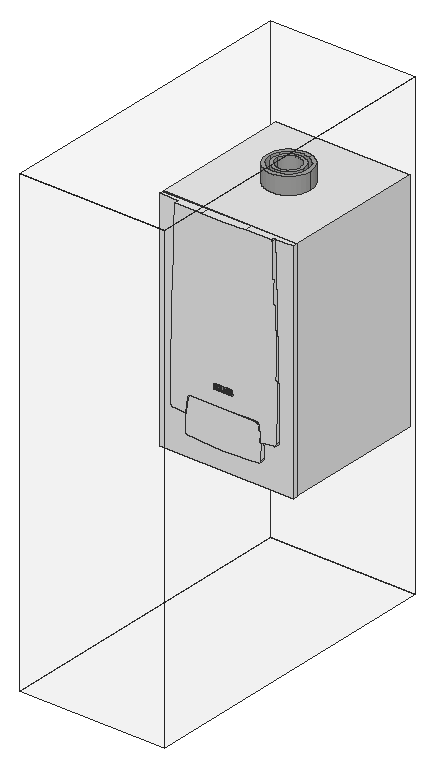
Revit family "Sirius_two_WH_70kW_LOD-5", category Mechanical Equipment, Revit 2014
Parameters (values of type "70kW")
  Weekly = "0"
  Water Treatment Required = yes
  Water Content = 6.0 L
  Warranty ID = "See manufacturers website for warranty options and T&C's"
  Voltage = 230 V
  Uniclass2015 = "Pr_60_60_08"
  URL = ""
  Type = ""
  Turndown Ratio = "9:1"
  Supply Phase = 1
  Starting Current = 0 A
  Sound Pressure Level = "62 dBA"
  Shipping Weight = 60.00 kg
  Shape = "Rectangular (Vertical)"
  Safety Valve Connection Type = "Threaded"
  Safety Valve Connection Size = 12.7 mm
  Responsible Sourcing of Materials = "0"
  Responsible Extraction of Materials = "0"
  Reference Standard = "ISO 9001; ISO 14001"
  Rated Output = 65000 W
  Rated Criteria = "80/60"
  Quarterly = "0"
  Product Range = "Sirius two WH (70kW)"
  Product Model Number = "5138530"
  Product Literature = "http://www.pottertoncommercial.co.uk/products/stainless-steel/sirius-two-wh.htm"
  Primary Fuel = "Gas - NG"
  Overall Width = 450 mm
  Overall Length = 505 mm
  Overall Height = 763 mm
  Optional Fuel = "Gas - LPG"
  Operation and Maintenance Manual = "http://www.pottertoncommercial.co.uk/products/stainless-steel/sirius-two-wh.htm"
  Oil Consumption rate = 0
  Nominal Oil Inlet Pressure = 0.0 bar
  Nominal Gas Inlet Pressure = 0.02 bar
  NOx Emissions = "34.8 mg/kWh"
  Mounting = "Wall Mounted"
  Monthly = "0"
  Model = "SIRIUS two WH70"  # constant formula
  Minimum Power Consumption = 20 W
  Minimum Operating Pressure = 1.0 bar
  Minimum Oil Inlet Pressure = 0.0 bar
  Minimum Gas Inlet Pressure = 0.018 bar
  Minimum Flow Rate at 20C temperature differential = 0.780 L/s
  Minimum Flow Rate at 11C temperature differential = 1.040 L/s
  Maximum Power Consumption = 95 W
  Maximum Operating Pressure = 4.0 bar
  Maximum Oil Inlet Pressure = 0.0 bar
  Maximum Gas Inlet Pressure = 0.0 bar
  Material Ingredient Reporting = "0"
  Manufacturer Website = "http://www.pottertoncommercial.co.uk/index.htm"
  Manufacturer = "Potterton Commercial"  # constant formula
  Maintenance Required 8001 to 12000hrs = "0"
  Maintenance Required 601 to 1000hrs = "0"
  Maintenance Required 4001 to 8000hrs = "0"
  Maintenance Required 301 to 600hrs = "0"
  Maintenance Required 2001 to 4000hrs = "0"
  Maintenance Required 1001 to 2000hrs = "0"
  Maintenance Required 0 to 300hrs = "0"
  Location of Manufacturer = "0"
  Life Cycle Analysis = "0"
  Interlocks = yes
  IfcExportType = "NOTDEFINED"  # constant formula
  IfcExportAs = "IfcBoilerType"  # constant formula
  IP Rating = "IPX5D"
  IK Rating = "0"
  Hydraulic Resistance at 20C temperature differential = 0.03 bar
  Hydraulic Resistance at 11C temperature differential = 0.045 bar
  Heater Operation = "Condensing"
  Heat Exchanger Material = "Stainless Steel"
  Gross Weight = 50.00 kg
  Green Guide for Specification = "0"
  Gas Consumption rate = "7.07 m3/h"
  Fuse Rating = 0 A
  Full Load Current = 0 A
  Fuel Connection Type = "Threaded"
  Fuel Connection Size = 483.87 mm
  Frequency = 50 Hz
  Flue or Air Intake Classification = "C13; C33; B23"
  Flue Connection size = 80 mm
  Flow and Return Connection Type = "Threaded"
  Flow and Return Connection Size = 645.16 mm
  Finish = "Powder coated"
  Features = "Wall hung boiler, stainless steel heat exchanger, 9:1 modulation, integral pump option"
  External Material = "Steel"
  Expected Life = ">10 years"
  ErP Seasonal Efficiency = "92 %"
  ErP Rated Efficiency at Part Load = "96.5 %"
  ErP Rated Efficiency at Full Load = "87.6 %"
  ErP Energy Label = "A"
  Environmental Product Declaration = "0"
  Energy Technology List = "https://etl.decc.gov.uk/engetl/fox/live/ETL_PUBLIC_PRODUCT_SEARCH/product?PROD_ID=72395"
  Embodied Carbon = "0"
  Drain Connection Type = "Plain"
  Drain Connection Size = 0 mm
  Description = ""
  Daily = "0"
  Control Type = "Optimised, modulating, weather compensating, BMS compatible"
  Configuration = "Single boiler"
  Condensate Drain Type = "Plain"
  Condensate Drain Size = 22 mm
  Colour = "White"
  Clearance Box Visibility [instance] = yes
  CE Mark = "CE-0085CM0128"
  Burner Control Type = "Modulating"
  Building Regulations Seasonal Efficiency = "96.1 %"
  Bespoke Timeframe = "0"
  BMS Links = yes
  Annually = "Annual service according to manufacturers guidance."
  Air Inlet Connection Size = 125 mm
  Additional Technical Details = "http://www.pottertoncommercial.co.uk/products/stainless-steel/sirius-two-wh.htm"
  Access Clearance Top = 300 mm
  Access Clearance Right = 20 mm
  Access Clearance Rear = 0 mm
  Access Clearance Left = 20 mm
  Access Clearance Front = 550 mm
  Access Clearance Bottom = 500 mm
  6 Monthly = "0"
Reference planes
  plane 1 "Center (Front/Back)": y = 0
  plane 2: z = 0
  plane 3 "Center (Left/Right)": x = 0
Forms (mm)
  Extrusion 1, solid, material "Potterton Sirius WH - Cover"
    sketch origin (0, 0, 0) x (1, 0, 0) y (0, 1, 0)
      loop
        line (-225, 0) -> (-225, -475) -> (-217, -475) -> (-217, 0) -> (-225, 0)
      loop
        arc (-225, -490.434) -> (0, -495) -> (225, -490.434) r 5546.295
        line (225, -490.434) -> (225, -477) -> (-225, -477) -> (-225, -490.434)
      loop
        line (225, 0) -> (217, 0) -> (217, -475) -> (225, -475) -> (225, 0)
    from 0 to 763
  Extrusion 2, solid, material "Potterton Sirius WH - Cover"
    sketch origin (0, 0, 0) x (1, 0, 0) y (0, 0, 1)
      loop
        arc (-164.004, 760.224) -> (-174.1, 456.716) -> (-178.52, 153.073) r 16242.047
        arc (-178.52, 153.073) -> (-175.933, 146.303) -> (-169.46, 143.046) r 10.021
        line (-169.46, 143.046) -> (-127.86, 139.413)
        spline (-127.86, 139.413) -> (-127.653, 139.411) -> (-127.447, 139.435) -> (-127.246, 139.485) -> (-127.054, 139.561) -> (-126.872, 139.661) -> (-126.706, 139.783) -> (-126.556, 139.926) -> (-126.426, 140.088) -> (-126.319, 140.264) -> (-126.235, 140.453) -> (-126.176, 140.652) -> (-126.143, 140.856)
        arc (-126.143, 140.856) -> (-123.286, 165.27) -> (-119.321, 189.529) r 539.918
        arc (-119.321, 189.529) -> (-115.708, 195.678) -> (-109, 198.1) r 10.5
        line (-109, 198.1) -> (-74.985, 198.1) -> (74.985, 198.1) -> (109, 198.1)
        arc (109, 198.1) -> (115.708, 195.678) -> (119.321, 189.529) r 10.5
        arc (119.321, 189.529) -> (123.286, 165.27) -> (126.143, 140.856) r 539.862
        spline (126.143, 140.856) -> (126.176, 140.652) -> (126.235, 140.453) -> (126.319, 140.264) -> (126.426, 140.088) -> (126.556, 139.927) -> (126.706, 139.783) -> (126.872, 139.661) -> (127.054, 139.561) -> (127.246, 139.485) -> (127.447, 139.435) -> (127.653, 139.411) -> (127.86, 139.413)
        line (127.86, 139.413) -> (169.46, 143.046)
        arc (169.46, 143.046) -> (175.933, 146.303) -> (178.518, 153.073) r 10.021
        arc (178.518, 153.073) -> (174.091, 456.716) -> (163.987, 760.224) r 16241.927
        arc (163.987, 760.224) -> (163.096, 762.194) -> (161.089, 763) r 2.9
        line (161.089, 763) -> (74.972, 763) -> (-74.972, 763) -> (-161.106, 763)
        arc (-161.106, 763) -> (-163.113, 762.194) -> (-164.004, 760.224) r 2.9
      loop
        line (-74.991, 196.928) -> (-108.993, 196.928)
        arc (-108.993, 196.928) -> (-114.957, 194.775) -> (-118.169, 189.308) r 9.335
        arc (-118.169, 189.308) -> (-125.241, 137.818) -> (-127.327, 85.882) r 539.67
        arc (-127.327, 85.882) -> (-124.809, 79.581) -> (-118.688, 76.655) r 9.327
        arc (-118.688, 76.655) -> (-96.872, 75.188) -> (-75.038, 74.012) r 1643.088
        arc (-75.038, 74.012) -> (0, 72.244) -> (75.038, 74.012) r 1592.844
        arc (75.038, 74.012) -> (96.872, 75.188) -> (118.688, 76.655) r 1643.12
        arc (118.688, 76.655) -> (124.809, 79.581) -> (127.327, 85.881) r 9.327
        arc (127.327, 85.881) -> (125.241, 137.813) -> (118.17, 189.302) r 539.705
        arc (118.17, 189.302) -> (114.959, 194.773) -> (109, 196.928) r 9.334
        line (109, 196.928) -> (74.991, 196.928) -> (-74.991, 196.928)
    from 477 to 505
  Extrusion 3, void
    sketch origin (0, -128, 0) x (1, 0, 0) y (0, 1, 0)
      loop
        line (-225.947, -372.4) -> (-225.947, -390.747) -> (225.947, -390.747) -> (225.947, -372.4)
        arc (225.947, -372.4) -> (0, -377) -> (-225.947, -372.4) r 5551.295
    from 0 to 763
  Extrusion 4, solid, material "Potterton Sirius FS - Logo"
    sketch origin (-369.668, -504.852, 160.982) x (1, 0, 0) y (0, 0, 1)
      loop
        arc (342.971, 100.811) -> (344.366, 99.416) -> (342.971, 98.02) r 1.395
        line (342.971, 98.02) -> (339.501, 98.02) -> (339.501, 93.964) -> (341.208, 93.964) -> (341.208, 96.293) -> (342.971, 96.293)
        arc (342.971, 96.293) -> (344.738, 96.848) -> (345.87, 98.315) r 3.088
        arc (345.87, 98.315) -> (351.536, 94.006) -> (353.627, 100.811) r 4.341
        line (353.627, 100.811) -> (355.933, 100.811) -> (355.933, 93.964) -> (357.701, 93.964) -> (357.701, 100.811) -> (361.06, 100.811) -> (361.06, 93.964) -> (362.813, 93.964) -> (362.813, 100.811) -> (366.054, 100.811) -> (366.054, 93.964) -> (372.032, 93.964) -> (372.032, 95.63) -> (367.807, 95.63) -> (367.807, 97.433) -> (371.262, 97.433)
        arc (371.262, 97.433) -> (372.08, 98.251) -> (371.262, 99.069) r 0.818
        line (371.262, 99.069) -> (367.807, 99.069) -> (367.807, 100.811) -> (375.58, 100.811)
        arc (375.58, 100.811) -> (376.451, 99.94) -> (375.58, 99.069) r 0.871
        line (375.58, 99.069) -> (373.302, 99.069)
        arc (373.302, 99.069) -> (372.52, 98.49) -> (372.845, 97.573) r 0.818
        line (372.845, 97.573) -> (381.32, 91.867)
        arc (381.32, 91.867) -> (382.144, 91.832) -> (382.566, 92.541) r 0.805
        line (382.566, 92.541) -> (382.566, 100.811) -> (385.072, 100.811)
        arc (385.072, 100.811) -> (386.619, 94.222) -> (392.72, 97.151) r 4.341
        line (392.72, 97.151) -> (392.72, 93.964) -> (394.487, 93.964) -> (394.487, 99.069) -> (398.739, 94.236)
        arc (398.739, 94.236) -> (399.755, 93.983) -> (400.351, 94.844) r 0.921
        line (400.351, 94.844) -> (400.351, 101.682)
        arc (400.351, 101.682) -> (399.452, 102.581) -> (398.554, 101.682) r 0.899
        line (398.554, 101.682) -> (398.554, 97.165) -> (394.162, 102.301)
        arc (394.162, 102.301) -> (393.255, 102.537) -> (392.72, 101.768) r 0.819
        line (392.72, 101.768) -> (392.72, 99.124)
        arc (392.72, 99.124) -> (391.302, 101.447) -> (388.78, 102.469) r 4.341
        line (388.78, 102.469) -> (379.034, 102.469)
        arc (379.034, 102.469) -> (378.205, 101.64) -> (379.034, 100.811) r 0.829
        line (379.034, 100.811) -> (380.772, 100.811) -> (380.772, 94.179) -> (375.58, 97.707)
        arc (375.58, 97.707) -> (377.961, 100.088) -> (375.58, 102.469) r 2.381
        line (375.58, 102.469) -> (353.905, 102.469)
        arc (353.905, 102.469) -> (353.223, 102.111) -> (353.129, 101.347) r 0.829
        arc (353.129, 101.347) -> (349.064, 102.325) -> (346.059, 99.418) r 4.341
        arc (346.059, 99.418) -> (345.142, 101.577) -> (342.971, 102.469) r 3.088
        line (342.971, 102.469) -> (339.417, 102.469)
        arc (339.417, 102.469) -> (338.587, 101.64) -> (339.417, 100.811) r 0.829
        line (339.417, 100.811) -> (342.971, 100.811)
      loop
        line (384.051, 92.773) -> (384.051, 91.973) -> (400.157, 91.973) -> (400.157, 92.773) -> (384.051, 92.773)
      loop
        line (339.501, 92.773) -> (339.501, 91.973) -> (378.488, 91.973) -> (378.488, 92.773) -> (339.501, 92.773)
      loop
        arc (340.058, 88.937) -> (338.522, 87.401) -> (340.058, 85.864) r 1.537
        line (340.058, 85.864) -> (399.258, 85.864)
        arc (399.258, 85.864) -> (400.795, 87.401) -> (399.258, 88.937) r 1.537
        line (399.258, 88.937) -> (340.058, 88.937)
      loop
        circle (350.207, 98.138) r 2.591
      loop
        circle (342.971, 99.416) r 0.875
      loop
        circle (388.493, 98.138) r 2.591
    from 0 to 1
  Sweep 5, solid
    path origin (0, 0, 0) x (1, 0, 0) y (0, 0, 1)
      loop
        line (0, 763) -> (0, 819)
    profile origin (0, 0, 791) x (-1, 0, 0) y (0, -1, 0)
      loop
        circle (0, 229) r 73.5
      loop
        circle (0, 229) r 62.5
      loop
        circle (0, 229) r 40
      loop
        circle (0, 229) r 50
  Extrusion 6, solid, material "Potterton Sirius WH - Cover"
    sketch origin (0, 0, 0) x (1, 0, 0) y (0, 1, 0)
      loop
        line (-217, 0) -> (-217, -475) -> (217, -475) -> (217, 0) -> (-217, 0)
    from 55 to 763
  Sweep 7, solid
    path origin (0, 0, 0) x (1, 0, 0) y (0, 0, 1)
      loop
        line (0, 55) -> (0, 7)
    profile origin (0, 0, 31) x (0, -1, 0) y (1, 0, 0)
      loop
        circle (95, 102) r 12.7
      loop
        circle (95, 2) r 12.7
      loop
        circle (95, -98) r 9.525
      loop
        circle (67, -177) r 11
  Extrusion 8, solid, material "Glass - Clear - Amber", visible <- "Clearance Box Visibility"
    sketch origin (0, 0, 0) x (1, 0, 0) y (0, 1, 0)
      loop
        line (-245, 0) -> (-245, -1055) -> (245, -1055) -> (245, 0) -> (-245, 0)
    from -500 to 1063
Cuts and joins
  Extrusion 3 cuts Extrusion 2
  joined: Extrusion 1, Extrusion 2, Extrusion 6
Dimensions and locks
  locked: Sweep 5 sketch curve to profile plane at 229
  locked: Sweep 7 sketch curve to cut or joined group of Extrusion 1, Extrusion 2, Extrusion 3, Extrusion 6 at 123
  locked: Sweep 7 sketch curve to plane 1 "Center (Front/Back)" at 95
  locked: Sweep 7 sketch curve to Sweep 7 sketch curve at 100  (x2)
  locked: Sweep 7 sketch curve to plane 1 "Center (Front/Back)" at 67
  locked: cut or joined group of Extrusion 1, Extrusion 2, Extrusion 3, Extrusion 6 to Sweep 7 sketch curve at 48
  aligned and locked: level to plane 2
  aligned and locked: plane 1 "Center (Front/Back)" to Extrusion 1 sketch curve
  aligned and locked: Extrusion 1 to level
  aligned and locked: Extrusion 3 to cut or joined group of Extrusion 1, Extrusion 2, Extrusion 3, Extrusion 6
  aligned and locked: Extrusion 3 to level
  aligned and locked: Sweep 5 sketch curve to cut or joined group of Extrusion 1, Extrusion 2, Extrusion 3, Extrusion 6
  aligned and locked: profile plane to Sweep 5 sketch curve
  aligned and locked: Extrusion 6 sketch curve to cut or joined group of Extrusion 1, Extrusion 2, Extrusion 3, Extrusion 6  (x4)
  aligned and locked: Sweep 7 sketch curve to cut or joined group of Extrusion 1, Extrusion 2, Extrusion 3, Extrusion 6
  aligned and locked: Sweep 7 sketch curve to plane 3 "Center (Left/Right)"
  aligned and locked: plane 1 "Center (Front/Back)" to Extrusion 8 sketch curve
  aligned and locked: Extrusion 2 sketch curve to cut or joined group of Extrusion 1, Extrusion 2, Extrusion 3, Extrusion 6
Connectors
  piping at (2, -95, 7), diameter 25.4
    settings: on Sweep 7, index 1, connector inside diameter 609.6 mm, connector length 0 mm, flow factor 0, pipe flow 0.000 L/s, pressure drop 0.0 bar, fitting loss kfactor 0, connector angle 0.00°, fixture units 0, engagement length 0 mm, angle of deflection 0.00°, flow configuration 1, flow direction 2, fitting loss method 0, system type 7, joint type 0, gender type 0, connector reference index -1, connector utility 0, adjustable connector no, is connector primary yes, connector description "Supply"
  piping at (102, -95, 7), diameter 25.4
    settings: on Sweep 7, index 2, connector inside diameter 609.6 mm, connector length 0 mm, flow factor 0, pipe flow 0.000 L/s, pressure drop 0.0 bar, fitting loss kfactor 0, connector angle 0.00°, fixture units 0, engagement length 0 mm, angle of deflection 0.00°, flow configuration 0, flow direction 1, fitting loss method 0, system type 8, joint type 0, gender type 0, connector reference index -1, connector utility 0, adjustable connector no, is connector primary no, connector description "Return"
  piping at (-98, -95, 7), diameter 19.1
    settings: on Sweep 7, index 3, connector inside diameter 609.6 mm, connector length 0 mm, flow factor 0, pipe flow 0.000 L/s, pressure drop 0.0 bar, fitting loss kfactor 0, connector angle 0.00°, fixture units 0, engagement length 0 mm, angle of deflection 0.00°, flow configuration 1, flow direction 1, fitting loss method 0, system type 22, joint type 0, gender type 0, connector reference index -1, connector utility 0, adjustable connector no, is connector primary no, connector description "Gas"
  piping at (-177, -67, 7), diameter 22
    settings: on Sweep 7, index 4, connector inside diameter 609.6 mm, connector length 0 mm, flow factor 0, pipe flow 0.000 L/s, pressure drop 0.0 bar, fitting loss kfactor 0, connector angle 0.00°, fixture units 0, engagement length 0 mm, angle of deflection 0.00°, flow configuration 1, flow direction 2, fitting loss method 0, system type 22, joint type 0, gender type 0, connector reference index -1, connector utility 0, adjustable connector no, is connector primary no, connector description "Drain"
  hvac at (0, -229, 819)
    settings: on Sweep 5, index 6, duct flow 0.0 m³/h, flow factor 0, pres drop 0.0 bar, loss coef 0, conn angle 0.00°, conn width 304.8 mm, conn height 304.8 mm, conn diameter 0 mm, duct sys type 3, conn prof type 0, flow config 1, flow direction 2, loss method 0, conn ref index -1, conn util no, is conn primary yes, conn desc "Flue"
